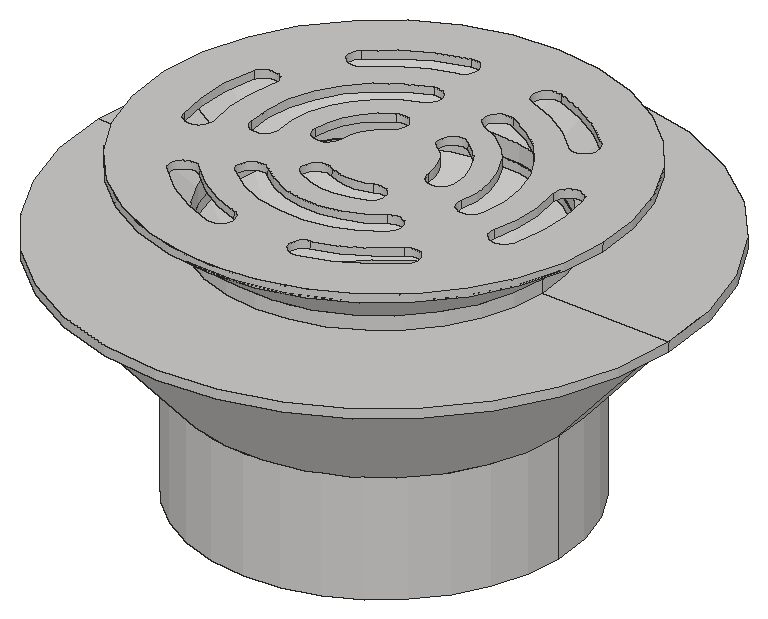
Revit family "PlumbingFixture_Grate_Galvin_GC100V-Slip", category Plumbing Fixtures, host Face, Revit 2011
Parameters (values of type "69457X - ST/ST 316")
  URL = "www.galvinengineering.com.au"
  Type Comments = "Round"
  StyleOrType_ANZRS = "Grate"
  ModifiedIssue_ANZRS = 20140526.01  # constant formula
  Model = "69457X - ST/ST 316"
  Manufacturer = "Galvin Engineering"
  Keynote = "10800"
  Instructions = "http://www.galvinengineering.com.au/Installation_Guides_1.aspx"
  GrateMaterial = Metal_Drains_Stainless-Steel_15400
  FilterObject_ANZRS = "GC-Slip"
  OutletRadius_DoNotEdit = 40 mm
  DimTop = 100 mm  # constant formula
  DimOutlet = if(OutletRadius_DoNotEdit > 0 mm, (OutletRadius_DoNotEdit * 2), (OutletRadius_DoNotEdit * 2))  # 80 mm
  DimHeight = 53 mm
  DimDepth = 25 mm  # constant formula
  Description = "Vinyl Slip-In Slip-Safe ®  Bolted Cleanout Assembly"
  Default Elevation = 0 mm
  CreatedBy_ANZRS = "Galvin Engineering"
  CreatedByURL_ANZRS = "www.galvinengineering.com.au"
  CreatedByPhoneNo_ANZRS = "61-8-92495900"
  Circulation_ANZRS = yes
  CHWFlow_ANZRS = 2.8 L/s
  Assembly Code = "D2040200"
  Application = "PVC"
Reference planes
  plane 1 "Center (Front/Back)": y = 0
  plane 2 "Face": z = 0
  plane 3 "Center (Left/Right)": x = 0
  plane 4 "Left": x = -50
  plane 5 "Right": x = 50
  plane 6 "Depth": z = -28
  plane 7 "Bottom": z = -53
Forms (mm)
  Revolve 1, solid, material "Metal_Drains_Stainless-Steel_15400" <- "GrateMaterial"
    sketch origin (0, 0, 0) x (1, 0, 0) y (0, 0, 1)
      loop
        line (40, -28) -> (63, -2) -> (65, -2) -> (65, 0) -> (34.292, 0) -> (34.292, -2) -> (60.33, -2) -> (38, -27.242) -> (38, -53) -> (40, -53) -> (40, -28)
      axis (0, 0) -> (0, -53)
    angle from 0 to 360
  Extrusion 2, solid, material "Metal_Drains_Stainless-Steel_15400" <- "GrateMaterial"
    sketch origin (0, 0, 0) x (1, 0, 0) y (0, 1, 0)
      loop
        circle (0, 0) r 50
      loop
        arc (-10.23, 37.634) -> (-19.5, 33.775) -> (-27.477, 27.677) r 39
        arc (-27.477, 27.677) -> (-27.493, 23.434) -> (-23.25, 23.419) r 3
        arc (-23.25, 23.419) -> (-16.5, 28.579) -> (-8.656, 31.844) r 33
        arc (-8.656, 31.844) -> (-6.548, 35.526) -> (-10.23, 37.634) r 3
      loop
        arc (-31.906, 8.426) -> (-34.041, 12.092) -> (-37.707, 9.958) r 3
        arc (-37.707, 9.958) -> (-39, 0) -> (-37.707, -9.958) r 39
        arc (-37.707, -9.958) -> (-34.041, -12.092) -> (-31.906, -8.426) r 3
        arc (-31.906, -8.426) -> (-33, 0) -> (-31.906, 8.426) r 33
      loop
        arc (-9.053, 25.437) -> (-23.383, 13.5) -> (-26.556, -4.878) r 27
        arc (-26.556, -4.878) -> (-23.063, -7.287) -> (-20.654, -3.794) r 3
        arc (-20.654, -3.794) -> (-18.187, 10.5) -> (-7.041, 19.784) r 21
        arc (-7.041, 19.784) -> (-5.221, 23.617) -> (-9.053, 25.437) r 3
      loop
        arc (-8.277, 13.692) -> (-13.856, 8) -> (-15.997, 0.322) r 16
        arc (-15.997, 0.322) -> (-13.058, -2.738) -> (-9.998, 0.201) r 3
        arc (-9.998, 0.201) -> (-8.66, 5) -> (-5.173, 8.558) r 10
        arc (-5.173, 8.558) -> (-4.158, 12.677) -> (-8.277, 13.692) r 3
      loop
        arc (9.998, 0.201) -> (13.058, -2.738) -> (15.997, 0.322) r 3
        arc (15.997, 0.322) -> (13.856, 8) -> (8.277, 13.692) r 16
        arc (8.277, 13.692) -> (4.158, 12.677) -> (5.173, 8.558) r 3
        arc (5.173, 8.558) -> (8.66, 5) -> (9.998, 0.201) r 10
      loop
        arc (20.654, -3.794) -> (23.063, -7.287) -> (26.556, -4.878) r 3
        arc (26.556, -4.878) -> (23.383, 13.5) -> (9.053, 25.437) r 27
        arc (9.053, 25.437) -> (5.221, 23.617) -> (7.041, 19.784) r 3
        arc (7.041, 19.784) -> (18.187, 10.5) -> (20.654, -3.794) r 21
      loop
        arc (23.25, 23.419) -> (27.493, 23.434) -> (27.477, 27.677) r 3
        arc (27.477, 27.677) -> (19.5, 33.775) -> (10.23, 37.634) r 39
        arc (10.23, 37.634) -> (6.548, 35.526) -> (8.656, 31.844) r 3
        arc (8.656, 31.844) -> (16.5, 28.579) -> (23.25, 23.419) r 33
      loop
        arc (31.906, -8.426) -> (34.041, -12.092) -> (37.707, -9.958) r 3
        arc (37.707, -9.958) -> (39, 0) -> (37.707, 9.958) r 39
        arc (37.707, 9.958) -> (34.041, 12.092) -> (31.906, 8.426) r 3
        arc (31.906, 8.426) -> (33, 0) -> (31.906, -8.426) r 33
      loop
        arc (-4.825, -8.759) -> (-8.9, -9.94) -> (-7.719, -14.015) r 3
        arc (-7.719, -14.015) -> (0, -16) -> (7.719, -14.015) r 16
        arc (7.719, -14.015) -> (8.9, -9.94) -> (4.825, -8.759) r 3
        arc (4.825, -8.759) -> (0, -10) -> (-4.825, -8.759) r 10
      loop
        arc (-13.613, -15.99) -> (-17.842, -16.33) -> (-17.502, -20.559) r 3
        arc (-17.502, -20.559) -> (0, -27) -> (17.502, -20.559) r 27
        arc (17.502, -20.559) -> (17.842, -16.33) -> (13.613, -15.99) r 3
        arc (13.613, -15.99) -> (0, -21) -> (-13.613, -15.99) r 21
      loop
        arc (-23.25, -23.419) -> (-27.493, -23.434) -> (-27.477, -27.677) r 3
        arc (-27.477, -27.677) -> (-19.5, -33.775) -> (-10.23, -37.634) r 39
        arc (-10.23, -37.634) -> (-6.548, -35.526) -> (-8.656, -31.844) r 3
        arc (-8.656, -31.844) -> (-16.5, -28.579) -> (-23.25, -23.419) r 33
      loop
        arc (8.656, -31.844) -> (6.548, -35.526) -> (10.23, -37.634) r 3
        arc (10.23, -37.634) -> (19.5, -33.775) -> (27.477, -27.677) r 39
        arc (27.477, -27.677) -> (27.493, -23.434) -> (23.25, -23.419) r 3
        arc (23.25, -23.419) -> (16.5, -28.579) -> (8.656, -31.844) r 33
    from 15 to 13.3
  Revolve 3, solid, material "Metal_Drains_Stainless-Steel_15400" <- "GrateMaterial"
    sketch origin (-0.147, 0, 0) x (1, 0, 0) y (0, 0, 1)
      loop
        line (49.731, 13.348) -> (46.475, 13.348) -> (34.438, 3.978) -> (34.438, 0) -> (36.438, 0) -> (36.438, 3) -> (49.731, 13.348)
      axis (0, 13.348) -> (0, 0)
    angle from 0 to 360
  Revolve 4, void
    sketch origin (0, 0, 0) x (1, 0, 0) y (0, 0, 1)
      loop
        line (40, -28) -> (63, -2) -> (65, -2) -> (65, 0) -> (0, 0) -> (0, -53) -> (40, -53) -> (40, -28)
      axis (0, 0) -> (0, -53)
    angle from 0 to 360
Lines and regions (mm)
  symbolic lines, style "Waste Outlets", detail levels medium+fine
    curve 1: circle (0, 0, 0) r 45 normal (0, 0, 1)
    curve 4: circle (-31.61, -18.25, 0) r 1.444 normal (0, 0, 1)
    curve 7: circle (31.61, -18.25, 0) r 1.444 normal (0, 0, 1)
    curve 10: circle (0, 36.5, 0) r 1.444 normal (0, 0, 1)
  symbolic lines, style "Waste Outlets"
    curve 2: circle (-31.61, -18.25, 0) r 5 normal (0, 0, 1)
    curve 5: circle (31.61, -18.25, 0) r 5 normal (0, 0, 1)
    curve 8: circle (0, 36.5, 0) r 5 normal (0, 0, 1)
  symbolic lines, style "Waste Outlets", detail levels fine
    curve 3: circle (-31.61, -18.25, 0) r 4 normal (0, 0, 1)
    curve 6: circle (31.61, -18.25, 0) r 4 normal (0, 0, 1)
    curve 9: circle (0, 36.5, 0) r 4 normal (0, 0, 1)
Dimensions and locks
  "DimDepth": plane 6 "Depth" to plane 7 "Bottom"
  "DimHeight": host face to plane 7 "Bottom"
  "DimTop": plane 4 "Left" to plane 5 "Right"
  aligned and locked: plane 2 "Face" to host face
  aligned and locked: level to host face
  aligned and locked: Revolve 1 sketch curve to plane 7 "Bottom"
  aligned and locked: Revolve 4 sketch curve to plane 7 "Bottom"
Automatic sketch dimensions
  host sketch curve to host sketch curve = 400 mm  (x2)
  plane 1 "Center (Front/Back)" to Extrusion 2 sketch curve = 0 mm
  Extrusion 2 sketch curve to plane 3 "Center (Left/Right)" = 0 mm
  Extrusion 2 sketch curve to Extrusion 2 sketch curve = 0 mm  (x85)
  Extrusion 2 sketch curve to plane 3 "Center (Left/Right)" = 8.656 mm
  Extrusion 2 sketch curve to Extrusion 2 sketch curve = 0.787 mm  (x4)
  Extrusion 2 sketch curve to Extrusion 2 sketch curve = 14.594 mm
  Extrusion 2 sketch curve to Extrusion 2 sketch curve = 2.114 mm  (x4)
  Extrusion 2 sketch curve to plane 1 "Center (Front/Back)" = 23.419 mm
  plane 1 "Center (Front/Back)" to Extrusion 2 sketch curve = 8.426 mm
  Extrusion 2 sketch curve to plane 3 "Center (Left/Right)" = 31.906 mm
  Extrusion 2 sketch curve to Extrusion 2 sketch curve = 2.901 mm  (x4)
  Extrusion 2 sketch curve to Extrusion 2 sketch curve = 5.351 mm  (x3)
  Extrusion 2 sketch curve to Extrusion 2 sketch curve = 2.951 mm  (x2)
  Extrusion 2 sketch curve to Extrusion 2 sketch curve = 0.397 mm  (x2)
  Extrusion 2 sketch curve to Extrusion 2 sketch curve = 1.006 mm  (x2)
  plane 1 "Center (Front/Back)" to Extrusion 2 sketch curve = 4.878 mm  (x2)
  Extrusion 2 sketch curve to plane 1 "Center (Front/Back)" = 0.322 mm
  Extrusion 2 sketch curve to Extrusion 2 sketch curve = 4.658 mm  (x2)
  Extrusion 2 sketch curve to plane 1 "Center (Front/Back)" = 0.262 mm  (x2)
  Extrusion 2 sketch curve to Extrusion 2 sketch curve = 1.236 mm  (x2)
  Extrusion 2 sketch curve to Extrusion 2 sketch curve = 1.552 mm  (x2)
  plane 3 "Center (Left/Right)" to Extrusion 2 sketch curve = 5.173 mm
  Extrusion 2 sketch curve to plane 1 "Center (Front/Back)" = 0.201 mm
  Extrusion 2 sketch curve to Extrusion 2 sketch curve = 4.825 mm
  Extrusion 2 sketch curve to Extrusion 2 sketch curve = 14.197 mm
  Extrusion 2 sketch curve to Extrusion 2 sketch curve = 2.018 mm
  plane 1 "Center (Front/Back)" to Extrusion 2 sketch curve = 9.958 mm
  Extrusion 2 sketch curve to plane 3 "Center (Left/Right)" = 7.719 mm
  Extrusion 2 sketch curve to Extrusion 2 sketch curve = 1.447 mm  (x2)
  plane 3 "Center (Left/Right)" to Extrusion 2 sketch curve = 4.825 mm
  plane 1 "Center (Front/Back)" to Extrusion 2 sketch curve = 11.387 mm
  Extrusion 2 sketch curve to Extrusion 2 sketch curve = 9.783 mm
  Extrusion 2 sketch curve to Extrusion 2 sketch curve = 1.945 mm  (x2)
  Extrusion 2 sketch curve to Extrusion 2 sketch curve = 5.894 mm
  Extrusion 2 sketch curve to Extrusion 2 sketch curve = 1.975 mm
  Extrusion 2 sketch curve to Extrusion 2 sketch curve = 9.975 mm
  Extrusion 2 sketch curve to plane 3 "Center (Left/Right)" = 10.23 mm
  Extrusion 2 sketch curve to Extrusion 2 sketch curve = 2.86 mm
  plane 3 "Center (Left/Right)" to Extrusion 2 sketch curve = 8.656 mm
  Extrusion 2 sketch curve to Extrusion 2 sketch curve = 5.747 mm
  Extrusion 2 sketch curve to Extrusion 2 sketch curve = 17.075 mm
  Revolve 3 sketch curve to level = 0 mm
  Revolve 3 sketch curve to plane 6 "Depth" = 10.491 mm
  Revolve 3 sketch curve to plane 4 "Left" = 49.853 mm
  level to Revolve 3 sketch curve = 3.978 mm
  Revolve 3 sketch curve to Revolve 3 sketch curve = 10.037 mm
  Revolve 3 sketch curve to Revolve 3 sketch curve = 3.256 mm
  Revolve 3 sketch curve to Revolve 3 sketch curve = 0.978 mm
  level to Revolve 3 sketch curve = 13.348 mm
  level to Revolve 3 sketch curve = 32.491 mm
  Revolve 3 sketch curve to Revolve 3 sketch curve = 2 mm
  Revolve 3 sketch curve to Revolve 3 sketch curve = 34.438 mm
  Revolve 4 sketch curve to plane 3 "Center (Left/Right)" = 0 mm  (x2)
  Revolve 4 sketch curve to level = 0 mm
  Revolve 4 sketch curve to plane 6 "Depth" = 0 mm
  Revolve 4 sketch curve to plane 5 "Right" = 10 mm
  Revolve 4 sketch curve to level = 2 mm
  plane 5 "Right" to Revolve 4 sketch curve = 13 mm
  Revolve 4 sketch curve to Revolve 4 sketch curve = 2 mm
  plane 7 "Bottom" to Revolve 4 sketch curve = 29.509 mm
  level to Revolve 4 sketch curve = 22.491 mm
  Revolve 1 sketch curve to plane 3 "Center (Left/Right)" = 0 mm
  Revolve 1 sketch curve to level = 0 mm
  Revolve 1 sketch curve to plane 6 "Depth" = 0 mm
  Revolve 1 sketch curve to plane 5 "Right" = 15.708 mm
  Revolve 1 sketch curve to plane 5 "Right" = 12 mm
  Revolve 1 sketch curve to Revolve 1 sketch curve = 2 mm  (x3)
  Revolve 1 sketch curve to Revolve 1 sketch curve = 2.67 mm
  plane 7 "Bottom" to Revolve 1 sketch curve = 29.509 mm
  level to Revolve 1 sketch curve = 22.491 mm
  plane 5 "Right" to Revolve 1 sketch curve = 10.33 mm
  Revolve 1 sketch curve to plane 6 "Depth" = 0.758 mm
  Revolve 1 sketch curve to level = 2 mm
  radius of Extrusion 2 sketch curve = 50 mm
Connectors
  piping at (0, 0, -53), driven by "OutletRadius_DoNotEdit"
    settings: on Revolve 1, index 1, connector radius 1.5748", flow factor 0, pipe flow 0.0 L/s, pressure drop 0.00 psi, fitting loss kfactor 0, connector angle 0.00°, fixture units 0, engagement length 0 mm, flow configuration 0, flow direction 0, fitting loss method 0, system type 28, joint type 0, gender type 0, connector reference index -1, connector utility 0, adjustable connector no, is connector primary yes, fitting loss table "", connector description ""
